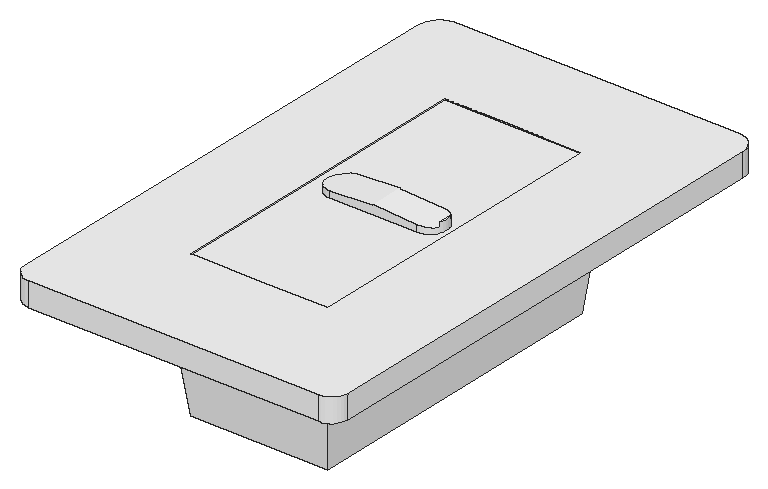
Revit family "CXSW", category Communication Devices, host Face, Revit 2021
Family settings
  Host = Face
  Maintain Annotation Orientation = No
  Round Connector Dimension = Use Diameter
  Part Type = Normal
  OmniClass Number = 23.85.80.11.27
  OmniClass Title = Lighting Controls
  Cut with Voids When Loaded = No
  Shared = Yes
  Room Calculation Point = No
Parameters (values of type "CXSW-1")
  Warranty = "5-Years Warranty"  # constant formula
  Type Comments = "CX Programmable Switches"  # constant formula
  Product Page URL = ""
  URL = "https://www.currentlighting.com/nxlightingcontrols"
  Product Documentation Link = ""
  Operating Environment = "Indoor use only\r\nOperating temperature: 32°to 122°F (0° to 50°C)\r\nRelative humidity (non-condensing): 10% to 90%"  # constant formula
  Model = "CXSW"  # constant formula
  Manufacturer = " NX Lighting Controls"  # constant formula
  Width = 2.75"
  Features = "• Programmable for a variety of button functions\r\n• Attractive, architecturally-pleasing decorator-style design\r\n• Gangable with other decorator type devices\r\n• Raise/Lower switch provides manual continuous dimming\r\n• Toggle ON/OFF switch can control dimming or non-dimming loads\r\n• Connect using category cables, 3 inch jumper supplied with each switch\r\n• Use standard decorator wall plates (order separately)\r\n• Class 2, low voltage device\r\n• 5 year limited warranty"  # constant formula
  Certifications = "UL60730-1, CSA E60730-1:15"  # constant formula
  Black = Paint -  Carbon Black
  Height = 4.50"
  White = Paint -  Matte White
  Description = "Control Solutions' CX Low Voltage Wall Switches are designed for virtually any area. The soft contours of its architecturally pleasing design fit easily into any décor. Switches are available in both momentary and latching versions and feature multiple button configurations making them the perfect switch solution for use with the CX Commercial Lighting Control Panels."  # constant formula
  Default Elevation = 48.00"
  Copyright = "Copyright © NX Lighting Controls"  # constant formula
  Contact Us = ""
  Assembly Code = "D5090"
  6 = no
  4 = no
  2 = no
  1 = yes
Types (6): name | 6 | 4 | 2 | 1
  (no name) | no | no | no | yes
  CXSW-1 | no | no | no | yes
  CXSW-2 | no | no | yes | no
  CXSW-3 | no | no | yes | yes
  CXSW-4 | no | yes | no | no
  CXSW-6 | yes | yes | no | no
Reference planes (in)
  plane 1 "Center (Front/Back)": y = 13.01342
  plane 2: z = 0
  plane 3 "Center (Left/Right)": x = 0
  plane 4: x = -1.375
  plane 5: x = 1.375
  plane 6: y = 15.26342
  plane 7: y = 10.76342
  plane 8: z = -1.35
  plane 9: z = 0.3
Forms (in)
  Extrusion 1, solid, material "Paint -  Matte White" <- "White"
    sketch origin (0, 0, -0.5) x (1, 0, 0) y (0, 1, 0)
      loop
        arc (-1.17464, 15.26342) -> (-1.31632, 15.20473) -> (-1.375, 15.06306) r 0.20036
        line (-1.375, 15.06306) -> (-1.375, 10.91856)
        arc (-1.375, 10.91856) -> (-1.32956, 10.80886) -> (-1.21986, 10.76342) r 0.15514
        line (-1.21986, 10.76342) -> (1.23768, 10.76342)
        arc (1.23768, 10.76342) -> (1.33478, 10.80364) -> (1.375, 10.90074) r 0.13732
        line (1.375, 10.90074) -> (1.375, 15.08233)
        arc (1.375, 15.08233) -> (1.32196, 15.21038) -> (1.19391, 15.26342) r 0.18109
        line (1.19391, 15.26342) -> (-1.17464, 15.26342)
    from 0.6 to 0.4
  Extrusion 2, solid, material "Paint -  Matte White" <- "White"
    sketch origin (0, 0, 0) x (1, 0, 0) y (0, 1, 0)
      loop
        line (-0.61252, 14.41205) -> (-0.61252, 11.71709) -> (0, 11.71709) -> (0.55202, 11.71709) -> (0.55202, 14.41205) -> (0, 14.41205) -> (-0.61252, 14.41205)
    from 0.23534 to 0.1
  Extrusion 3, void
    sketch origin (0, 13.01342, 0) x (1, 0, 0) y (0, 0, 1)
      loop
        line (-0.61314, 0.45345) -> (-0.61314, 0.0923)
        arc (-0.61314, 0.0923) -> (-0.03211, 0.07642) -> (0.54898, 0.09016) r 11.40207
        line (0.54898, 0.09016) -> (0.54898, 0.45345) -> (-0.61314, 0.45345)
    from 1.29633 to -1.39863
  Extrusion 4, solid, material "Paint -  Matte White" <- "White", visible <- "1"
    sketch origin (0, -0.25782, -0.17578) x (1, 0, 0) y (0, 1, 0)
      loop
        arc (-0.36532, 13.43008) -> (-0.5069, 13.28851) -> (-0.36532, 13.14693) r 0.14158
        line (-0.36532, 13.14693) -> (0.36532, 13.14693)
        arc (0.36532, 13.14693) -> (0.5069, 13.28851) -> (0.36532, 13.43008) r 0.14158
        line (0.36532, 13.43008) -> (-0.36532, 13.43008)
    from 0.35493 to 0.27578
  Extrusion 5, void
    sketch origin (0, 12.9431, -0.15625) x (1, 0, 0) y (0, 0, 1)
      loop
        line (-0.51828, 0.93634) -> (-0.51828, 0.29021)
        arc (-0.51828, 0.29021) -> (-0.01101, 0.33338) -> (0.49658, 0.29405) r 3.14149
        line (0.49658, 0.29405) -> (0.49658, 0.93634) -> (-0.51828, 0.93634)
    from 0.07779 to -0.22916
  Blend 6, solid, material "Paint -  Matte White" <- "White"
    base sketch origin (0, 0, 0) x (1, 0, 0) y (0, 1, 0)
      loop
        line (-0.73509, 14.56519) -> (-0.73509, 11.56519) -> (0.66835, 11.56519) -> (0.66835, 14.56519) -> (-0.73509, 14.56519)
    top sketch origin (0, 0, 0) x (1, 0, 0) y (0, 1, 0)
      loop
        line (-0.61252, 14.41205) -> (-0.61252, 11.71709) -> (0.55202, 11.71709) -> (0.55202, 14.41205) -> (-0.61252, 14.41205)
    from 0 to -1.12608
  Extrusion 7, solid, material "Paint -  Matte White" <- "White", visible <- "2"
    sketch origin (0, 0.1953, -0.17578) x (1, 0, 0) y (0, 1, 0)
      loop
        arc (-0.36532, 13.43008) -> (-0.5069, 13.28851) -> (-0.36532, 13.14693) r 0.14158
        line (-0.36532, 13.14693) -> (0.36532, 13.14693)
        arc (0.36532, 13.14693) -> (0.5069, 13.28851) -> (0.36532, 13.43008) r 0.14158
        line (0.36532, 13.43008) -> (-0.36532, 13.43008)
    from 0.35493 to 0.27578
  Extrusion 8, void
    sketch origin (0, 13.39622, -0.15625) x (1, 0, 0) y (0, 0, 1)
      loop
        line (-0.51828, 0.93634) -> (-0.51828, 0.29021)
        arc (-0.51828, 0.29021) -> (-0.01101, 0.33338) -> (0.49658, 0.29405) r 3.14149
        line (0.49658, 0.29405) -> (0.49658, 0.93634) -> (-0.51828, 0.93634)
    from 0.07779 to -0.22916
  Extrusion 9, solid, material "Paint -  Matte White" <- "White", visible <- "2"
    sketch origin (0, 25.78466, -0.17578) x (1, 0, 0) y (0, 1, 0)
      loop
        line (-0.36532, -13.43008) -> (0.36532, -13.43008)
        arc (0.36532, -13.43008) -> (0.5069, -13.28851) -> (0.36532, -13.14693) r 0.14158
        line (0.36532, -13.14693) -> (-0.36532, -13.14693)
        arc (-0.36532, -13.14693) -> (-0.5069, -13.28851) -> (-0.36532, -13.43008) r 0.14158
    from 0.35493 to 0.27578
  Extrusion 10, void
    sketch origin (0, 12.56811, -0.15625) x (1, 0, 0) y (0, 0, -1)
      loop
        line (-0.51828, -0.93634) -> (0.49658, -0.93634) -> (0.49658, -0.29405)
        arc (0.49658, -0.29405) -> (-0.01101, -0.33338) -> (-0.51828, -0.29021) r 3.14149
        line (-0.51828, -0.29021) -> (-0.51828, -0.93634)
    from 0.07779 to -0.22916
  Extrusion 11, solid, material "Paint -  Matte White" <- "White", visible <- "6"
    sketch origin (0, 25.22859, -0.17578) x (1, 0, 0) y (0, 1, 0)
      loop
        line (-0.42782, -13.43008) -> (0.4122, -13.43008)
        arc (0.4122, -13.43008) -> (0.52315, -13.31912) -> (0.4122, -13.20817) r 0.11096
        line (0.4122, -13.20817) -> (-0.42782, -13.20817)
        arc (-0.42782, -13.20817) -> (-0.53878, -13.31912) -> (-0.42782, -13.43008) r 0.11096
    from 0.35493 to 0.27578
  Extrusion 12, void
    sketch origin (0, 12.01204, -0.15625) x (1, 0, 0) y (0, 0, -1)
      loop
        line (-0.59859, -0.93634) -> (0.54898, -0.93634) -> (0.54898, -0.27137)
        arc (0.54898, -0.27137) -> (-0.02509, -0.32106) -> (-0.59859, -0.26523) r 3.14638
        line (-0.59859, -0.26523) -> (-0.59859, -0.93634)
    from 0.07779 to -0.22916
  Extrusion 13, solid, material "Paint -  Matte White" <- "White", visible <- "4"
    sketch origin (0, 25.62826, -0.17578) x (1, 0, 0) y (0, 1, 0)
      loop
        line (-0.42782, -13.43008) -> (0.4122, -13.43008)
        arc (0.4122, -13.43008) -> (0.52315, -13.31912) -> (0.4122, -13.20817) r 0.11096
        line (0.4122, -13.20817) -> (-0.42782, -13.20817)
        arc (-0.42782, -13.20817) -> (-0.53878, -13.31912) -> (-0.42782, -13.43008) r 0.11096
    from 0.35493 to 0.27578
  Extrusion 14, void
    sketch origin (0, 12.41172, -0.15625) x (1, 0, 0) y (0, 0, -1)
      loop
        line (-0.59859, -0.93634) -> (0.54898, -0.93634) -> (0.54898, -0.27137)
        arc (0.54898, -0.27137) -> (-0.02509, -0.32106) -> (-0.59859, -0.26523) r 3.14638
        line (-0.59859, -0.26523) -> (-0.59859, -0.93634)
    from 0.07779 to -0.22916
  Extrusion 15, solid, material "Paint -  Matte White" <- "White", visible <- "4"
    sketch origin (0, 26.12826, -0.17578) x (1, 0, 0) y (0, 1, 0)
      loop
        line (-0.42782, -13.43008) -> (0.4122, -13.43008)
        arc (0.4122, -13.43008) -> (0.52315, -13.31912) -> (0.4122, -13.20817) r 0.11096
        line (0.4122, -13.20817) -> (-0.42782, -13.20817)
        arc (-0.42782, -13.20817) -> (-0.53878, -13.31912) -> (-0.42782, -13.43008) r 0.11096
    from 0.35493 to 0.27578
  Extrusion 16, void
    sketch origin (0, 12.91172, -0.15625) x (1, 0, 0) y (0, 0, -1)
      loop
        line (-0.59859, -0.93634) -> (0.54898, -0.93634) -> (0.54898, -0.27137)
        arc (0.54898, -0.27137) -> (-0.02509, -0.32106) -> (-0.59859, -0.26523) r 3.14638
        line (-0.59859, -0.26523) -> (-0.59859, -0.93634)
    from 0.07779 to -0.22916
  Extrusion 17, solid, material "Paint -  Matte White" <- "White", visible <- "4"
    sketch origin (0, 26.62826, -0.17578) x (1, 0, 0) y (0, 1, 0)
      loop
        line (-0.42782, -13.43008) -> (0.4122, -13.43008)
        arc (0.4122, -13.43008) -> (0.52315, -13.31912) -> (0.4122, -13.20817) r 0.11096
        line (0.4122, -13.20817) -> (-0.42782, -13.20817)
        arc (-0.42782, -13.20817) -> (-0.53878, -13.31912) -> (-0.42782, -13.43008) r 0.11096
    from 0.35493 to 0.27578
  Extrusion 18, void
    sketch origin (0, 13.41172, -0.15625) x (1, 0, 0) y (0, 0, -1)
      loop
        line (-0.59859, -0.93634) -> (0.54898, -0.93634) -> (0.54898, -0.27137)
        arc (0.54898, -0.27137) -> (-0.02509, -0.32106) -> (-0.59859, -0.26523) r 3.14638
        line (-0.59859, -0.26523) -> (-0.59859, -0.93634)
    from 0.07779 to -0.22916
  Extrusion 19, solid, material "Paint -  Matte White" <- "White", visible <- "4"
    sketch origin (0, 27.08795, -0.17578) x (1, 0, 0) y (0, 1, 0)
      loop
        line (-0.42782, -13.43008) -> (0.4122, -13.43008)
        arc (0.4122, -13.43008) -> (0.52315, -13.31912) -> (0.4122, -13.20817) r 0.11096
        line (0.4122, -13.20817) -> (-0.42782, -13.20817)
        arc (-0.42782, -13.20817) -> (-0.53878, -13.31912) -> (-0.42782, -13.43008) r 0.11096
    from 0.35493 to 0.27578
  Extrusion 20, void
    sketch origin (0, 13.8714, -0.15625) x (1, 0, 0) y (0, 0, -1)
      loop
        line (-0.59859, -0.93634) -> (0.54898, -0.93634) -> (0.54898, -0.27137)
        arc (0.54898, -0.27137) -> (-0.02509, -0.32106) -> (-0.59859, -0.26523) r 3.14638
        line (-0.59859, -0.26523) -> (-0.59859, -0.93634)
    from 0.07779 to -0.22916
  Extrusion 21, solid, material "Paint -  Matte White" <- "White", visible <- "6"
    sketch origin (0, 27.5507, -0.17578) x (1, 0, 0) y (0, 1, 0)
      loop
        line (-0.42782, -13.43008) -> (0.4122, -13.43008)
        arc (0.4122, -13.43008) -> (0.52315, -13.31912) -> (0.4122, -13.20817) r 0.11096
        line (0.4122, -13.20817) -> (-0.42782, -13.20817)
        arc (-0.42782, -13.20817) -> (-0.53878, -13.31912) -> (-0.42782, -13.43008) r 0.11096
    from 0.35493 to 0.27578
  Extrusion 22, void
    sketch origin (0, 14.33416, -0.15625) x (1, 0, 0) y (0, 0, -1)
      loop
        line (-0.59859, -0.93634) -> (0.54898, -0.93634) -> (0.54898, -0.27137)
        arc (0.54898, -0.27137) -> (-0.02509, -0.32106) -> (-0.59859, -0.26523) r 3.14638
        line (-0.59859, -0.26523) -> (-0.59859, -0.93634)
    from 0.07779 to -0.22916
Cuts and joins
  Extrusion 3 cuts Extrusion 1
  Extrusion 3 cuts Extrusion 2
  joined: Extrusion 1, Extrusion 2
  Extrusion 5, Extrusion 8, Extrusion 18 cuts Extrusion 4
  Extrusion 8, Extrusion 10, Extrusion 20 cuts Extrusion 7
  Extrusion 10, Extrusion 12, Extrusion 16 cuts Extrusion 9
  Extrusion 12, Extrusion 14 cuts Extrusion 11
  Extrusion 14, Extrusion 16 cuts Extrusion 13
  Extrusion 16, Extrusion 18 cuts Extrusion 15
  Extrusion 18, Extrusion 20 cuts Extrusion 17
  Extrusion 20, Extrusion 22 cuts Extrusion 19
  Extrusion 22 cuts Extrusion 21
Dimensions and locks (in)
  plane 2 to plane 8 = 1.35"
  "Width": plane 4 to plane 5
  equal spacing: plane 4, plane 3 "Center (Left/Right)", plane 5
  "Height": plane 7 to plane 6
  equal spacing: plane 7, plane 1 "Center (Front/Back)", plane 6
  plane 9 to plane 8 = 1.65"
  aligned and locked: plane 2 to host face
  aligned and locked: level to host face
Automatic sketch dimensions
  host sketch curve to host sketch curve = 96.00"  (x2)
  Extrusion 1 sketch curve to plane 4 = 0.00"
  plane 7 to Extrusion 1 sketch curve = 0.00"
  plane 6 to Extrusion 1 sketch curve = 0.00"
  Extrusion 1 sketch curve to plane 5 = 0.00"
  plane 4 to Extrusion 1 sketch curve = 0.15514"
  plane 4 to Extrusion 1 sketch curve = 0.20036"
  Extrusion 1 sketch curve to Extrusion 1 sketch curve = 0.18109"
  Extrusion 1 sketch curve to plane 5 = 0.13732"
  Extrusion 2 sketch curve to plane 3 "Center (Left/Right)" = 0.00"  (x2)
  Extrusion 2 sketch curve to plane 3 "Center (Left/Right)" = 0.61252"
  Extrusion 2 sketch curve to Extrusion 2 sketch curve = 0.55202"
  Extrusion 2 sketch curve to plane 7 = 0.95367"
  plane 6 to Extrusion 2 sketch curve = 0.85137"
  level to Extrusion 3 sketch curve = 0.0923"
  Extrusion 3 sketch curve to plane 3 "Center (Left/Right)" = 0.61314"
  Extrusion 3 sketch curve to plane 3 "Center (Left/Right)" = 0.01115"
  level to Extrusion 3 sketch curve = 0.09016"
  plane 3 "Center (Left/Right)" to Extrusion 3 sketch curve = 0.54898"
  Extrusion 3 sketch curve to plane 9 = 0.15345"
  Extrusion 4 sketch curve to plane 1 "Center (Front/Back)" = 0.15884"
  Extrusion 4 sketch curve to plane 3 "Center (Left/Right)" = 0.36532"
  plane 1 "Center (Front/Back)" to Extrusion 4 sketch curve = 0.12431"
  plane 3 "Center (Left/Right)" to Extrusion 4 sketch curve = 0.36532"
  level to Extrusion 5 sketch curve = 0.13396"
  Extrusion 5 sketch curve to plane 3 "Center (Left/Right)" = 0.51828"
  plane 3 "Center (Left/Right)" to Extrusion 5 sketch curve = 0.00087"
  level to Extrusion 5 sketch curve = 0.1378"
  plane 3 "Center (Left/Right)" to Extrusion 5 sketch curve = 0.49658"
  Extrusion 5 sketch curve to plane 9 = 0.48009"
  plane 4 to Blend 6 sketch curve = 0.63991"
  plane 3 "Center (Left/Right)" to Blend 6 sketch curve = 0.66835"
  Blend 6 sketch curve to plane 7 = 0.80177"
  plane 6 to Blend 6 sketch curve = 0.69823"
  Blend 6 sketch curve to plane 3 "Center (Left/Right)" = 0.61252"
  plane 3 "Center (Left/Right)" to Blend 6 sketch curve = 0.55202"
  Blend 6 sketch curve to plane 7 = 0.95367"
  plane 6 to Blend 6 sketch curve = 0.85137"
  Extrusion 7 sketch curve to plane 3 "Center (Left/Right)" = 0.36532"
  plane 3 "Center (Left/Right)" to Extrusion 7 sketch curve = 0.36532"
  Extrusion 7 sketch curve to plane 1 "Center (Front/Back)" = 0.32882"
  Extrusion 7 sketch curve to Extrusion 7 sketch curve = 0.14158"
  level to Extrusion 8 sketch curve = 0.13396"
  Extrusion 8 sketch curve to plane 3 "Center (Left/Right)" = 0.51828"
  plane 3 "Center (Left/Right)" to Extrusion 8 sketch curve = 0.00087"
  level to Extrusion 8 sketch curve = 0.1378"
  plane 3 "Center (Left/Right)" to Extrusion 8 sketch curve = 0.49658"
  Extrusion 8 sketch curve to plane 9 = 0.48009"
  Extrusion 9 sketch curve to plane 3 "Center (Left/Right)" = 0.36532"
  plane 3 "Center (Left/Right)" to Extrusion 9 sketch curve = 0.36532"
  plane 1 "Center (Front/Back)" to Extrusion 9 sketch curve = 0.65884"
  Extrusion 9 sketch curve to Extrusion 9 sketch curve = 0.14158"
  level to Extrusion 10 sketch curve = 0.13396"
  Extrusion 10 sketch curve to plane 3 "Center (Left/Right)" = 0.51828"
  plane 3 "Center (Left/Right)" to Extrusion 10 sketch curve = 0.00087"
  level to Extrusion 10 sketch curve = 0.1378"
  plane 3 "Center (Left/Right)" to Extrusion 10 sketch curve = 0.49658"
  Extrusion 10 sketch curve to plane 9 = 0.48009"
  Extrusion 11 sketch curve to plane 3 "Center (Left/Right)" = 0.42782"
  plane 3 "Center (Left/Right)" to Extrusion 11 sketch curve = 0.4122"
  Extrusion 11 sketch curve to plane 7 = 1.03509"
  Extrusion 11 sketch curve to Extrusion 11 sketch curve = 0.11096"
  level to Extrusion 12 sketch curve = 0.10898"
  Extrusion 12 sketch curve to plane 3 "Center (Left/Right)" = 0.59859"
  Extrusion 12 sketch curve to plane 3 "Center (Left/Right)" = 0.00825"
  level to Extrusion 12 sketch curve = 0.11512"
  plane 3 "Center (Left/Right)" to Extrusion 12 sketch curve = 0.54898"
  Extrusion 12 sketch curve to plane 9 = 0.48009"
  Extrusion 13 sketch curve to plane 3 "Center (Left/Right)" = 0.42782"
  plane 3 "Center (Left/Right)" to Extrusion 13 sketch curve = 0.4122"
  plane 1 "Center (Front/Back)" to Extrusion 13 sketch curve = 0.81524"
  Extrusion 13 sketch curve to Extrusion 13 sketch curve = 0.11096"
  level to Extrusion 14 sketch curve = 0.10898"
  Extrusion 14 sketch curve to plane 3 "Center (Left/Right)" = 0.59859"
  Extrusion 14 sketch curve to plane 3 "Center (Left/Right)" = 0.00825"
  level to Extrusion 14 sketch curve = 0.11512"
  plane 3 "Center (Left/Right)" to Extrusion 14 sketch curve = 0.54898"
  Extrusion 14 sketch curve to plane 9 = 0.48009"
  Extrusion 15 sketch curve to plane 3 "Center (Left/Right)" = 0.42782"
  plane 1 "Center (Front/Back)" to Extrusion 15 sketch curve = 0.09332"
  plane 3 "Center (Left/Right)" to Extrusion 15 sketch curve = 0.4122"
  Extrusion 15 sketch curve to Extrusion 15 sketch curve = 0.11096"
  level to Extrusion 16 sketch curve = 0.10898"
  Extrusion 16 sketch curve to plane 3 "Center (Left/Right)" = 0.59859"
  Extrusion 16 sketch curve to plane 3 "Center (Left/Right)" = 0.00825"
  level to Extrusion 16 sketch curve = 0.11512"
  plane 3 "Center (Left/Right)" to Extrusion 16 sketch curve = 0.54898"
  Extrusion 16 sketch curve to plane 9 = 0.48009"
  Extrusion 17 sketch curve to plane 1 "Center (Front/Back)" = 0.18476"
  Extrusion 17 sketch curve to plane 3 "Center (Left/Right)" = 0.42782"
  plane 3 "Center (Left/Right)" to Extrusion 17 sketch curve = 0.4122"
  Extrusion 17 sketch curve to Extrusion 17 sketch curve = 0.11096"
  level to Extrusion 18 sketch curve = 0.10898"
  Extrusion 18 sketch curve to plane 3 "Center (Left/Right)" = 0.59859"
  Extrusion 18 sketch curve to plane 3 "Center (Left/Right)" = 0.00825"
  level to Extrusion 18 sketch curve = 0.11512"
  plane 3 "Center (Left/Right)" to Extrusion 18 sketch curve = 0.54898"
  Extrusion 18 sketch curve to plane 9 = 0.48009"
  Extrusion 19 sketch curve to plane 3 "Center (Left/Right)" = 0.42782"
  plane 3 "Center (Left/Right)" to Extrusion 19 sketch curve = 0.4122"
  Extrusion 19 sketch curve to plane 1 "Center (Front/Back)" = 0.64445"
  Extrusion 19 sketch curve to Extrusion 19 sketch curve = 0.11096"
  level to Extrusion 20 sketch curve = 0.10898"
  Extrusion 20 sketch curve to plane 3 "Center (Left/Right)" = 0.59859"
  Extrusion 20 sketch curve to plane 3 "Center (Left/Right)" = 0.00825"
  level to Extrusion 20 sketch curve = 0.11512"
  plane 3 "Center (Left/Right)" to Extrusion 20 sketch curve = 0.54898"
  Extrusion 20 sketch curve to plane 9 = 0.48009"
  Extrusion 21 sketch curve to plane 3 "Center (Left/Right)" = 0.42782"
  plane 3 "Center (Left/Right)" to Extrusion 21 sketch curve = 0.4122"
  Extrusion 21 sketch curve to plane 1 "Center (Front/Back)" = 1.1072"
  Extrusion 21 sketch curve to Extrusion 21 sketch curve = 0.11096"
  level to Extrusion 22 sketch curve = 0.10898"
  Extrusion 22 sketch curve to plane 3 "Center (Left/Right)" = 0.59859"
  Extrusion 22 sketch curve to plane 3 "Center (Left/Right)" = 0.00825"
  level to Extrusion 22 sketch curve = 0.11512"
  plane 3 "Center (Left/Right)" to Extrusion 22 sketch curve = 0.54898"
  Extrusion 22 sketch curve to plane 9 = 0.48009"
Connectors (in)
  electrical at (0.00464, 13.0023, 0.1)
    settings: on cut or joined group of Extrusion 1, Extrusion 2, Extrusion 3, index 1, voltage 0 V, apparent load 0 VA, apparent load phase1 0 VA, apparent load phase2 0 VA, apparent load phase3 0 VA, power factor 1, load classification "Other", number of poles 1, system type 14, power factor state 1, is connector primary yes, connector utility no, sub classification motor no, connector description "Low Voltage Wall Switch"
